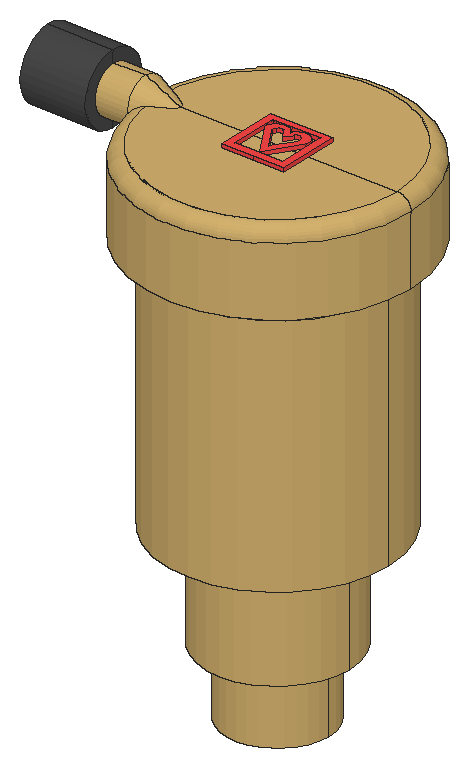
Revit family "Be- u. Entlüfter inkl. RV 2630 00 (01)", category Rohrzubehör, Revit 2018
Family settings
  Bemaßung runder Anschluss = Durchmesser verwenden
  Teiletyp = Normal
  OmniClass-Nummer = 23.65.55.14
  OmniClass-Titel = Valves for Liquid Services
  Arbeitsebenenbasiert = Nein
  Immer vertikal = Ja
  Beim Laden mit Abzugskörper schneiden = Nein
  Gemeinsam genutzt = Nein
Parameters
  URL = "www.herz-armaturen.at"
  Schwimmer = "Polypropylen"  # constant formula
  SW = 10.500 mm  # constant formula
  SCRNSEQ = "AWI;AWI_TYP=\"1013\";1"
  SCRNCODE = "05;14;01"  # constant formula
  S05 = 25.300 mm  # constant formula
  S04 = SW * 2  # 21.000 mm
  S03 = 11.000 mm  # constant formula
  S02 = 24.500 mm  # constant formula
  S01 = 59.000 mm  # constant formula
  Rückflussverhinderer = "Messing CW617N, EN 12165"  # constant formula
  R01 = 2.000 mm  # constant formula
  Nennweite AG [instance] = 15.000 mm
  Min.Betriebstemperatur = 0 °C  # constant formula
  Medium = "Heizungswasser nach ÖNORM H5195 oder VDI- Richtlinie 2035. Die Verwendung von Ethylen- oder Propyleneglykol in einem Mischungsverhältnis von 25 - 50% ist zulässig. EPDM-Dichtungen können durch Mineralöle und Schmiermittel beeinflusst werden, was zum Versagen der EPDM-Dichtungen führen kann. Bitte beachten Sie die Dokumentation des Herstellers, wenn Ethylenglykol-Produkte für den Frost- und Korrosionsschutz verwendet werden."
  Max.Strukturdruck = 1200000.0 Pa  # constant formula
  Max.Betriebstemperatur = 110 °C  # constant formula
  Max.Betriebsdruck = 800000.0 Pa  # constant formula
  L04 = L00 - L01  # 24.000 mm
  L03 = 13.500 mm  # constant formula
  L02 = 4.800 mm  # constant formula
  L01 = 9.500 mm  # constant formula
  L00 = 33.500 mm  # constant formula
  Hersteller = "Herz-Armaturen GmbH"  # constant formula
  H08 = 13.200 mm  # constant formula
  H06 = 25.300 mm  # constant formula
  H07 = 9.800 mm  # constant formula
  H05 = H00 - 1.000 mm  # 58.000 mm
  H04 = H03 - D03  # 57.900 mm
  H03 = 63.000 mm  # constant formula
  H02 = 9.500 mm  # constant formula
  H01 = 12.000 mm  # constant formula
  H00 = 59.000 mm  # constant formula
  Gehäuse = "geschmiedetes Messing nach EN 12165, CW617N"  # constant formula
  G1 [instance] = Nennweite AG / 2  # 7.500 mm
  G = 5.000 mm  # constant formula
  Dichtung = "NBR"  # constant formula
  Deckel = "geschmiedetes Messing nach EN 12165, CW617N"  # constant formula
  D07 = 11.500 mm  # constant formula
  D06 = 4.000 mm  # constant formula
  D05 = 0.800 mm  # constant formula
  D04 = 3.400 mm  # constant formula
  D03 = 5.100 mm  # constant formula
  D02 = 19.500 mm  # constant formula
  D01 = 16.200 mm  # constant formula
  Bestellnummer [instance] = if(Nennweite AG = 10.000 mm, 1263000, if(Nennweite AG = 15.000 mm, 1263001, 0))  # 1263001
  Aussengewindeanschluss = "nach ISO 228"  # constant formula
  Anwendungsgebiet = "Der automatische Schnellentlüfter wird in Heizungs- und Kühlungssysteme zur Entlüftung der Anlage verwendet. Das Ventil sollte in der Nähe des Boilers oder am höchsten Punkt der Anlage installiert werden, um eine garantierte Entlüftung der Anlage an die Umgebung zu gewährleisten."
  Abdeckkappe = "Polypropylen, Schwarz"  # constant formula
Reference planes
  plane 1 "Mitte (Vorne/hinten)": y = 0
  plane 2: z = 0
  plane 3 "Mitte (Links/rechts)": x = 0
Forms (mm)
  Revolve 1, solid, material "Messing", detail levels fine
    sketch origin (0, 0, 0) x (1, 0, 0) y (0, 0, 1)
      loop
        line (0, 0) -> (0, 59) -> (-17.5, 59)
        arc (-17.5, 59) -> (-18.914, 58.414) -> (-19.5, 57) r 2
        line (-19.5, 57) -> (-19.5, 47) -> (-18.2, 47)
        arc (-18.2, 47) -> (-16.786, 46.414) -> (-16.2, 45) r 2
        line (-16.2, 45) -> (-16.2, 9.5) -> (-5, 9.5) -> (-5, 0) -> (0, 0)
      axis (0, 59) -> (0, 0)
    angle from 0 to 360
  Revolve 2, solid, material "Kunststoff - schwarz", detail levels fine
    sketch origin (0, 0, 0) x (1, 0, 0) y (0, 0, 1)
      loop
        line (-33.5, 57.9) -> (-24, 57.9) -> (-24, 63) -> (-33.5, 63) -> (-33.5, 57.9)
      axis (-33.5, 57.9) -> (-24, 57.9)
    angle from 0 to 360
  Revolve 3, solid, material "Messing", detail levels fine
    sketch origin (0, 0, 0) x (1, 0, 0) y (0, 0, 1)
      loop
        line (-24, 57.9) -> (0, 57.9) -> (0, 58.7) -> (-13.5, 58.7) -> (-19.2, 61.3) -> (-24, 61.3) -> (-24, 57.9)
      axis (-24, 57.9) -> (0, 57.9)
    angle from 0 to 360
  Revolve 4, solid, material "Messing", detail levels fine
    sketch origin (0, 0, 0) x (1, 0, 0) y (0, 0, 1)
      loop
        line (-5, 9.5) -> (-11.5, 9.5) -> (-11.5, 7.2) -> (-10.5, 7.2) -> (-10.5, -6) -> (-7.5, -6) -> (-7.5, -15.8) -> (0, -15.8) -> (0, 0) -> (-5, 0) -> (-5, 9.5)
      axis (0, 9.5) -> (0, -15.8)
    angle from 0 to 360
Lines and regions (mm)
  model lines, detail levels coarse+medium
    curve 1: line (0, 0, 59) -> (11.455, 0, 47.545)
    curve 2: circle (0, 0, 34.5) r 11 normal (0, -1, 0)
    curve 3: line (-11.455, 0, 21.455) -> (0, 0, 10)
    curve 4: line (0, 0, 10) -> (11.455, 0, 21.455)
    curve 5: line (0, 0, 59) -> (0, 0, 45.5)
    curve 6: line (0, 0, 23.5) -> (0, 0, 9.5)
    curve 7: line (0, 0, 59) -> (-11.455, 0, 47.545)
    curve 8: line (-11.5, 0, 9.5) -> (9.5, 0, 9.5)
    curve 9: line (9.5, 0, 9.5) -> (-10.5, 0, -15.8)
    curve 10: line (-10.5, 0, -15.8) -> (10.5, 0, -15.8)
    curve 11: circle (-10.5, 0, -15.8) r 5 normal (0, -1, 0)
    curve 12: line (0, 0, 59) -> (0, -11.455, 47.545)
    curve 13: line (0, 0, 59) -> (0, 11.455, 47.545)
    curve 14: circle (0, 0, 34.5) r 11 normal (1, 0, 0)
    curve 15: line (0, 0, 10) -> (0, -11.455, 21.455)
    curve 16: line (0, 0, 10) -> (0, 11.455, 21.455)
    curve 18: line (0, -11.5, 9.5) -> (0, 9.5, 9.5)
    curve 19: line (0, 9.5, 9.5) -> (0, -10.5, -15.8)
    curve 20: line (0, -10.5, -15.8) -> (0, 10.5, -15.8)
    curve 21: circle (0, -10.5, -15.8) r 5 normal (1, 0, 0)
    curve 22: line (-9.5, 0, 0) -> (11.5, 0, 0)
    curve 23: line (-9.5, 0, 0) -> (9.5, 25.3, 0)
    curve 24: line (9.5, 25.3, 0) -> (-11.5, 25.3, 0)
    curve 25: circle (-9.5, 0, 0) r 5 normal (0, 0, 1)
    curve 26: line (0, 84.3, 0) -> (-11.455, 72.845, 0)
    curve 27: line (0, 84.3, 0) -> (11.455, 72.845, 0)
    curve 28: circle (0, 59.8, 0) r 11 normal (0, 0, 1)
    curve 29: line (0, 35.3, 0) -> (-11.455, 46.755, 0)
    curve 30: line (0, 35.3, 0) -> (11.455, 46.755, 0)
    curve 31: line (0, 84.3, 0) -> (0, 70.8, 0)
    curve 32: line (0, 48.8, 0) -> (0, 25.3, 0)
  model lines
    curve 17: line (0, 10.954, 33.496) -> (0, 10.954, 0)
Dimensions and locks
  "G": Revolve 1 sketch curve to Revolve 1 sketch curve
  "H00": Revolve 1 sketch curve to Revolve 1 sketch curve
  "D01": Revolve 1 sketch curve to Revolve 1 sketch curve
  "D02": Revolve 1 sketch curve to Revolve 1 sketch curve
  "H02": Revolve 1 sketch curve to Revolve 1 sketch curve
  "H01": Revolve 1 sketch curve to Revolve 1 sketch curve
  "D03": Revolve 2 sketch curve to Revolve 2 sketch curve
  "L01": Revolve 2 sketch curve to Revolve 2 sketch curve
  "L00": Revolve 2 sketch curve to plane 3 "Mitte (Links/rechts)"
  "D04": Revolve 3 sketch curve to Revolve 3 sketch curve
  "L02": Revolve 3 sketch curve to Revolve 3 sketch curve
  "L03": Revolve 3 sketch curve to plane 3 "Mitte (Links/rechts)"
  "L04": Revolve 3 sketch curve to plane 3 "Mitte (Links/rechts)"
  "D05": Revolve 3 sketch curve to Revolve 3 sketch curve
  "H03": Revolve 2 sketch curve to plane 2
  "H04": Revolve 3 sketch curve to plane 2
  "H05": nested 1 to plane 2
  "H06": Revolve 4 sketch curve to Revolve 4 sketch curve
  "G1": Revolve 4 sketch curve to Revolve 4 sketch curve
  "H02": Revolve 4 sketch curve to Revolve 4 sketch curve
  "G": Revolve 4 sketch curve to Revolve 4 sketch curve
  "D07": Revolve 4 sketch curve to Revolve 4 sketch curve
  "SW": Revolve 4 sketch curve to Revolve 4 sketch curve
  "H08": Revolve 4 sketch curve to Revolve 4 sketch curve
  "S01": curve 5 to plane 2
  "S02": curve 5 to curve 2 to curve 4
  "D01": curve 7 to curve 7
  "D01": curve 1 to curve 1
  "D01": curve 3 to curve 3
  "D01": curve 4 to curve 4
  "S04": curve 8 to curve 9
  "S05": curve 8 to curve 10
  "S04": curve 10 to curve 9
  "S01": curve 13 to plane 2
  "S02": curve 13 to curve 14 to curve 16
  "D01": curve 12 to curve 12
  "D01": curve 13 to curve 13
  "D01": curve 15 to curve 15
  "D01": curve 16 to curve 16
  "S04": curve 18 to curve 19
  "S04": curve 20 to curve 20
  "S05": curve 20 to curve 18
  "S04": curve 24 to curve 24
  "S04": curve 22 to curve 23
  "S05": curve 24 to curve 22
  "S01": curve 31 to curve 32
  "S02": curve 31 to curve 28 to curve 30
  "D01": curve 26 to curve 26
  "D01": curve 27 to curve 27
  "D01": curve 29 to curve 29
  "D01": curve 30 to curve 30
  "H07": Revolve 4 sketch curve to Revolve 4 sketch curve
  equal spacing: curve 10, plane 3 "Mitte (Links/rechts)", curve 10
  equal spacing: curve 20, plane 1 "Mitte (Vorne/hinten)", curve 20
  "R01": radius of Revolve 1 sketch curve  (x2)
  "S03": radius of curve 2
  "S03": radius of curve 14
  "S03": radius of curve 28
  angle curve 5 to curve 1 = 45.00°
  angle curve 7 to curve 5 = 45.00°
  angle curve 6 to curve 3 = 45.00°
  angle curve 4 to curve 6 = 45.00°
  angle curve 12 to plane 1 "Mitte (Vorne/hinten)" = 45.00°
  angle plane 1 "Mitte (Vorne/hinten)" to curve 13 = 45.00°
  angle plane 1 "Mitte (Vorne/hinten)" to curve 15 = 45.00°
  angle curve 16 to plane 1 "Mitte (Vorne/hinten)" = 45.00°
  angle curve 26 to curve 31 = 45.00°
  angle curve 31 to curve 27 = 45.00°
  angle curve 32 to curve 29 = 45.00°
  angle curve 30 to curve 32 = 45.00°
  aligned and locked: level to plane 2
Automatic sketch dimensions
  curve 16 to plane 1 "Mitte (Vorne/hinten)" = 0.000 mm
  curve 13 to plane 1 "Mitte (Vorne/hinten)" = 0.000 mm
  curve 14 to plane 1 "Mitte (Vorne/hinten)" = 0.000 mm
  curve 17 to level = 0.000 mm
  curve 21 to curve 19 = 0.000 mm
  curve 18 to plane 1 "Mitte (Vorne/hinten)" = 9.500 mm
  curve 21 to level = 15.800 mm
  curve 19 to curve 21 = 0.000 mm
  curve 17 to plane 1 "Mitte (Vorne/hinten)" = 10.954 mm
  curve 3 to plane 3 "Mitte (Links/rechts)" = 0.000 mm
  curve 5 to plane 3 "Mitte (Links/rechts)" = 0.000 mm
  curve 6 to plane 3 "Mitte (Links/rechts)" = 0.000 mm
  curve 2 to plane 3 "Mitte (Links/rechts)" = 0.000 mm
  curve 11 to curve 9 = 0.000 mm  (x2)
  plane 3 "Mitte (Links/rechts)" to curve 9 = 9.500 mm
  level to curve 8 = 9.500 mm
  plane 1 "Mitte (Vorne/hinten)" to curve 25 = 0.000 mm
  plane 1 "Mitte (Vorne/hinten)" to curve 22 = 0.000 mm
  curve 31 to plane 3 "Mitte (Links/rechts)" = 0.000 mm
  curve 32 to plane 3 "Mitte (Links/rechts)" = 0.000 mm
  curve 28 to plane 3 "Mitte (Links/rechts)" = 0.000 mm
  curve 29 to plane 3 "Mitte (Links/rechts)" = 0.000 mm
  curve 25 to plane 3 "Mitte (Links/rechts)" = 9.500 mm
  curve 22 to curve 25 = 0.000 mm
  plane 3 "Mitte (Links/rechts)" to curve 24 = 9.500 mm
  Revolve 1 sketch curve to level = 0.000 mm
  Revolve 1 sketch curve to plane 3 "Mitte (Links/rechts)" = 0.000 mm  (x2)
  Revolve 1 sketch curve to level = 2000.000 mm
  Revolve 1 sketch curve to Revolve 1 sketch curve = 1937.000 mm
  Revolve 2 sketch curve to Revolve 2 sketch curve = 0.000 mm  (x3)
  Revolve 3 sketch curve to plane 3 "Mitte (Links/rechts)" = 0.000 mm
  Revolve 3 sketch curve to Revolve 3 sketch curve = 0.212 mm
  Revolve 3 sketch curve to plane 3 "Mitte (Links/rechts)" = 0.539 mm
  Revolve 3 sketch curve to Revolve 3 sketch curve = 0.000 mm
  Revolve 4 sketch curve to level = 0.000 mm
  Revolve 4 sketch curve to plane 3 "Mitte (Links/rechts)" = 0.000 mm  (x2)
  Revolve 4 sketch curve to Revolve 4 sketch curve = 346.545 mm
  Revolve 4 sketch curve to Revolve 4 sketch curve = 2204.815 mm
  radius of curve 21 = 5.000 mm
  radius of curve 11 = 5.000 mm
  radius of curve 25 = 5.000 mm
Nested families
  nested 1: "Herz-Logo" at (0, 0, 58), type "Herz-Logo", detail levels fine
Connectors
  piping at (0, 0, -15.8), diameter 15, driven by "Nennweite AG"
    settings: on Revolve 4, index 1, connector inside diameter 609.6 mm, connector length 0.000 mm, flow factor 0, pipe flow 0.0 L/s, pressure drop 0.0 Pa, fitting loss kfactor 0, connector angle 0.00°, fixture units 0, engagement length 0.000 mm, angle of deflection 0.00°, flow configuration 0, flow direction 0, fitting loss method 0, system type 7, joint type 0, gender type 0, connector reference index -1, connector utility 0, adjustable connector no, is connector primary yes, connector description ""
Definition of nested family "Herz-Logo"
  Reference planes
    plane 1 "Mitte (Vorne/hinten)": y = 0
    plane 2: z = 0
    plane 3 "Mitte (Links/rechts)": x = 0
  Forms (mm)
    Extrusion 1, solid
      sketch origin (0, 0, 0) x (1, 0, 0) y (0, 1, 0)
        loop
          line (-0.018, -4.517) -> (4.482, -4.517) -> (4.482, 4.483) -> (-4.518, 4.483) -> (-4.518, -4.517) -> (-0.018, -4.517)
        loop
          line (-0.05, -3.48) -> (3.482, -3.48) -> (3.482, 3.483) -> (-3.518, 3.483) -> (-3.518, -3.48) -> (-0.05, -3.48)
        loop
          arc (-0.018, 2.383) -> (-1.543, 3.287) -> (-3.067, 2.383) r 1.738
          arc (-3.067, 2.383) -> (-3.191, 1.899) -> (-3.067, 1.415) r 1.009
          line (-3.067, 1.415) -> (-0.018, -3.281) -> (3.032, 1.415)
          arc (3.032, 1.415) -> (3.156, 1.899) -> (3.032, 2.383) r 1.009
          arc (3.032, 2.383) -> (1.507, 3.287) -> (-0.018, 2.383) r 1.738
        loop
          arc (1.885, 1.272) -> (2.005, 1.675) -> (1.885, 2.079) r 0.74
          arc (1.885, 2.079) -> (1.265, 2.416) -> (0.644, 2.079) r 0.74
          line (0.644, 2.079) -> (-0.018, 0.97) -> (-0.679, 2.079)
          arc (-0.679, 2.079) -> (-1.3, 2.416) -> (-1.921, 2.079) r 0.74
          arc (-1.921, 2.079) -> (-2.04, 1.675) -> (-1.921, 1.272) r 0.74
          line (-1.921, 1.272) -> (-0.018, -1.658) -> (1.885, 1.272)
      from 0 to 1.5
  Dimensions and locks
    aligned and locked: level to plane 2
